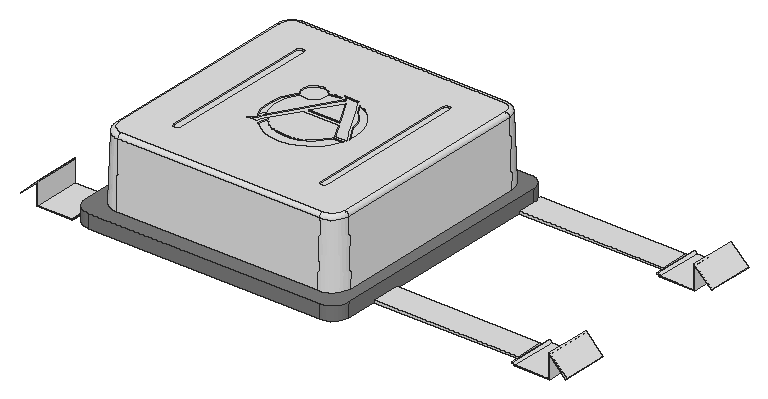
Revit family "Atlas_Sound_SHS-6T2_Ceiling_Mounted", category Generic Models, host Ceiling, Revit 2016
Family settings
  Host = Ceiling
  Part Type = Normal
  Can host rebar = No
  Round Connector Dimension = Use Diameter
  Work Plane-Based = No
  Always vertical = Yes
  Cut with Voids When Loaded = No
  Shared = No
  Room Calculation Point = No
Parameters (values of type "SHS6T2")
  Warranty Duration (Years) = 0
  URL = "https://www.atlasied.com/shs-6t2"
  Specification = ""
  SpecWizard = ""
  Send Message = ""
  Sales Information = ""
  Revision = ""
  Product Properties = ""
  Product Data = "https://www.atlasied.com/f/6034/shs-6t2-data-sheet.pdf"
  OmniClass Title = ""
  OmniClass Number = ""
  Max Extension [instance] = yes
  No Extension [instance] = not(Max Extension)  # no
  MasterFormat04 Keynote = ""
  Manufacturer's Notes = ""
  Manufacturer Website = "https://www.atlasied.com/"
  Manufacturer Phone - Toll Free = "800-876-3333"
  Manufacturer Phone = "602-438-4545"
  Manufacturer Fax = "602-438-8692"
  Manufacturer Email = ""
  Manufacturer Address = "4545 E. Baseline Rd. Phoenix, AZ 85040"
  Manufacturer = "Atlas Sound"
  Maintenance Schedule (Months) = 0
  Installation-Fabrication = "https://www.atlasied.com/f/6035/she-6t2-install-sheet.pdf"
  Installation Phase = ""
  Green Building-LEED = ""
  Expected Lifespan (Years) = 0
  Drawn By = "Matt Wunch"
  Description = "Strategically hidden speaker with 32-watt 70/100v transformer and enclosure"
  Copyright = "Arcat, Inc. ©2018"
  Construction Details = ""
  Company_ID = 0
  Category = ""
  Building Codes = ""
Reference planes (in)
  plane 1 "Center (Front/Back)": y = 0
  plane 2: z = 0
  plane 3 "Center (Left/Right)": x = 0
  plane 4 "Ceiling": z = 157.48031
Dimensions and locks (in)
  equal spacing: host sketch curve, plane 3 "Center (Left/Right)", host sketch curve
  equal spacing: host sketch curve, plane 1 "Center (Front/Back)", host sketch curve
  host sketch curve to host sketch curve = 157.48031"  (x2)
  plane 4 "Ceiling" to host ceiling = 0"
  aligned and locked: nested 1 to plane 1 "Center (Front/Back)"
  aligned and locked: nested 1 to plane 3 "Center (Left/Right)"
Nested families (in)
  nested 1: "2016_Atlas IED-SHS6T2" at (0, 0, 157.48031), No Extension <- "No Extension", Max Extends <- "Max Extension", type "2016_Atlas IED-SHS6T2"
    with No Extension no, Max Extends yes
Definition of nested family "2016_Atlas IED-SHS6T2"
  Parameters (values of type "2016_Atlas IED-SHS6T2")
    No Extension [instance] = yes
    Max Extends [instance] = yes
  Reference planes (in)
    plane 1 "Center (Front/Back)": y = 0
    plane 2: z = 0
    plane 3 "Center (Left/Right)": x = 0
    plane 4: y = 3.74436
    plane 5: y = -5.03521
    plane 6: y = 5.35844
    plane 7: y = -3.42113
    plane 8 "Top": z = 3.87992
  Forms (in)
    Extrusion 1, solid
      sketch origin (0, 0, 0) x (1, 0, 0) y (0, 1, 0)
        loop
          arc (-5.57658, 6.36398) -> (-6.13335, 6.13335) -> (-6.36398, 5.57658) r 0.7874
          line (-6.36398, 5.57658) -> (-6.36398, -5.57237)
          arc (-6.36398, -5.57237) -> (-6.13335, -6.12915) -> (-5.57658, -6.35977) r 0.7874
          line (-5.57658, -6.35977) -> (5.57733, -6.35977)
          arc (5.57733, -6.35977) -> (6.1341, -6.12915) -> (6.36473, -5.57237) r 0.7874
          line (6.36473, -5.57237) -> (6.36473, 5.57658)
          arc (6.36473, 5.57658) -> (6.1341, 6.13335) -> (5.57733, 6.36398) r 0.7874
          line (5.57733, 6.36398) -> (-5.57658, 6.36398)
      from 0 to 0.65945
    Revolve 2, solid
      sketch origin (0, 0, 0) x (1, 0, 0) y (0, 0, 1)
        loop
          line (0.00038, 0) -> (0.00038, -1.11358) -> (1.29921, -1.11358)
          arc (1.29921, -1.11358) -> (1.35827, -1.05453) -> (1.29921, -0.99547) r 0.05906
          arc (1.29921, -0.99547) -> (0.85333, -0.94358) -> (0.43128, -0.79066) r 1.94145
          arc (0.43128, -0.79066) -> (0.41185, -0.76881) -> (0.41285, -0.73959) r 0.03937
          arc (0.41285, -0.73959) -> (0.45607, -0.69641) -> (0.51509, -0.68061) r 0.11811
          line (0.51509, -0.68061) -> (1.30906, -0.68061)
          arc (1.30906, -0.68061) -> (1.60608, -0.64416) -> (1.89415, -0.56312) r 1.9685
          line (1.89415, -0.56312) -> (1.30415, -0.56312) -> (1.30415, 0) -> (0.00038, 0)
        axis (0, 0) -> (0, -1.11358)
      angle from 0 to 360
    Sweep 3, solid
      path origin (0, 0, 0) x (1, 0, 0) y (0, 1, 0)
        loop
          arc (-4.86024, 5.93184) -> (-5.50369, 5.66531) -> (-5.77022, 5.02185) r 0.90999
          line (-5.77022, 5.02185) -> (-5.77022, -4.69862)
          arc (-5.77022, -4.69862) -> (-5.50369, -5.34208) -> (-4.86024, -5.60861) r 0.90999
          line (-4.86024, -5.60861) -> (4.86024, -5.60861)
          arc (4.86024, -5.60861) -> (5.50369, -5.34208) -> (5.77022, -4.69862) r 0.90999
          line (5.77022, -4.69862) -> (5.77022, 5.02185)
          arc (5.77022, 5.02185) -> (5.50369, 5.66531) -> (4.86024, 5.93184) r 0.90999
          line (4.86024, 5.93184) -> (-4.86024, 5.93184)
      profile origin (0, 5.93184, 0) x (0, 1, 0) y (0, 0, 1)
        loop
          line (-0.02303, 0.65945) -> (-0.1303, 3.73128)
          arc (-0.1303, 3.73128) -> (-0.19029, 3.86601) -> (-0.32703, 3.92126) r 0.19685
          line (-0.32703, 3.92126) -> (-0.79653, 3.92126) -> (-0.79653, 0.65945) -> (-0.02303, 0.65945)
    Extrusion 4, solid
      sketch origin (0, 0, 0.65945) x (1, 0, 0) y (0, 1, 0)
        loop
          line (-5.17055, 5.33216) -> (-5.17055, -5.00893) -> (5.17055, -5.00893) -> (5.17055, 5.33216) -> (-5.17055, 5.33216)
      from 0 to 3.26181
    Extrusion 5, solid
      sketch origin (-8.28069, -5.03521, 47.24409) x (-1, 0, 0) y (0, 0, 1)
        loop
          line (0.74709, -46.96928) -> (-0.10252, -46.14882) -> (-0.10252, -47.24409) -> (-1.74189, -47.24409) -> (-1.83244, -47.15354) -> (-1.889, -47.15354) -> (-1.889, -47.18504) -> (-1.85082, -47.18504) -> (-1.76027, -47.27559) -> (-0.0702, -47.27559) -> (-0.0702, -46.22382) -> (0.72482, -46.99156) -> (0.74709, -46.96928)
      from -1.1436 to 1.10236
    Extrusion 6, solid
      sketch origin (-9.02779, 3.74436, 47.24409) x (-1, 0, 0) y (0, 0, 1)
        loop
          line (0, -46.96928) -> (-0.84961, -46.14882) -> (-0.84961, -47.24409) -> (-2.48898, -47.24409) -> (-2.57953, -47.15354) -> (-2.63609, -47.15354) -> (-2.63609, -47.18504) -> (-2.59791, -47.18504) -> (-2.50736, -47.27559) -> (-0.81729, -47.27559) -> (-0.81729, -46.22382) -> (-0.02227, -46.99156) -> (0, -46.96928)
      from -1.10236 to 1.05358
    Extrusion 7, solid, visible <- "Max Extends"
      sketch origin (16.0342, 5.35844, 47.24409) x (1, 0, 0) y (0, 0, 1)
        loop
          line (0, -46.96928) -> (-0.84961, -46.14882) -> (-0.84961, -47.24409) -> (-2.48898, -47.24409) -> (-2.57953, -47.15354) -> (-2.63609, -47.15354) -> (-2.63609, -47.18504) -> (-2.59791, -47.18504) -> (-2.50736, -47.27559) -> (-0.81729, -47.27559) -> (-0.81729, -46.22382) -> (-0.02227, -46.99156) -> (0, -46.96928)
      from -1.10236 to 1.10236
    Extrusion 8, solid, visible <- "Max Extends"
      sketch origin (16.0342, -3.42113, 47.24409) x (1, 0, 0) y (0, 0, 1)
        loop
          line (0, -46.96928) -> (-0.84961, -46.14882) -> (-0.84961, -47.24409) -> (-2.48898, -47.24409) -> (-2.57953, -47.15354) -> (-2.63609, -47.15354) -> (-2.63609, -47.18504) -> (-2.59791, -47.18504) -> (-2.50736, -47.27559) -> (-0.81729, -47.27559) -> (-0.81729, -46.22382) -> (-0.02227, -46.99156) -> (0, -46.96928)
      from -1.10236 to 1.10236
    Extrusion 9, solid, visible <- "Max Extends"
      sketch origin (0, 0, 0) x (1, 0, 0) y (0, 1, 0)
        loop
          line (13.36268, 6.01592) -> (6.36473, 6.01592) -> (6.36473, 4.70096) -> (13.36268, 4.70096) -> (13.36268, 6.01592)
        loop
          line (13.36268, -2.76365) -> (6.36473, -2.76365) -> (6.36473, -4.07861) -> (13.36268, -4.07861) -> (13.36268, -2.76365)
      from 0 to 0.11811
    Extrusion 10, solid, visible <- "No Extension"
      sketch origin (9.04601, 5.35844, 47.24409) x (1, 0, 0) y (0, 0, 1)
        loop
          line (0, -46.96928) -> (-0.84961, -46.14882) -> (-0.84961, -47.24409) -> (-2.48898, -47.24409) -> (-2.57953, -47.15354) -> (-2.63609, -47.15354) -> (-2.63609, -47.18504) -> (-2.59791, -47.18504) -> (-2.50736, -47.27559) -> (-0.81729, -47.27559) -> (-0.81729, -46.22382) -> (-0.02227, -46.99156) -> (0, -46.96928)
      from -1.10236 to 1.10236
    Extrusion 11, solid, visible <- "No Extension"
      sketch origin (9.04601, -3.42113, 47.24409) x (1, 0, 0) y (0, 0, 1)
        loop
          line (0, -46.96928) -> (-0.84961, -46.14882) -> (-0.84961, -47.24409) -> (-2.48898, -47.24409) -> (-2.57953, -47.15354) -> (-2.63609, -47.15354) -> (-2.63609, -47.18504) -> (-2.59791, -47.18504) -> (-2.50736, -47.27559) -> (-0.81729, -47.27559) -> (-0.81729, -46.22382) -> (-0.02227, -46.99156) -> (0, -46.96928)
      from -1.10236 to 1.10236
    Extrusion 12, void
      sketch origin (0, 0, 3.87992) x (-1, 0, 0) y (0, -1, 0)
        loop
          arc (3.36756, -3.84264) -> (3.54322, -4.01847) -> (3.71906, -3.84282) r 0.17575
          line (3.71906, -3.84282) -> (3.71906, 3.51959)
          arc (3.71906, 3.51959) -> (3.5433, 3.69524) -> (3.36756, 3.51956) r 0.17575
          line (3.36756, 3.51956) -> (3.36756, -3.84264)
        loop
          arc (-3.71906, -3.84262) -> (-3.5434, -4.01847) -> (-3.36756, -3.84279) r 0.17575
          line (-3.36756, -3.84279) -> (-3.36756, 3.51956)
          arc (-3.36756, 3.51956) -> (-3.5433, 3.69524) -> (-3.71906, 3.51959) r 0.17575
          line (-3.71906, 3.51959) -> (-3.71906, -3.84262)
      from 0 to 0.11811
    Extrusion 13, void
      sketch origin (0, 0, 3.87992) x (-1, 0, 0) y (0, -1, 0)
        loop
          arc (1.67147, 1.04157) -> (1.79346, 1.21422) -> (1.9404, 1.3662) r 1.37979
          line (1.9404, 1.3662) -> (1.44385, 1.3662)
          arc (1.44385, 1.3662) -> (1.38339, 1.15591) -> (1.28736, 0.95929) r 1.25635
          line (1.28736, 0.95929) -> (0.54562, -0.27382) -> (-1.19714, -0.27382) -> (-1.38869, 0.06598) -> (-1.59954, 0.48821) -> (-2.23029, 0.48821)
          arc (-2.23029, 0.48821) -> (-2.04456, 0.25304) -> (-1.88322, 0.00052) r 2.99996
          line (-1.88322, 0.00052) -> (-1.8251, -0.10132) -> (-1.79699, -0.15067) -> (-1.76789, -0.20181) -> (-0.93069, -1.67052) -> (-0.90108, -1.72246) -> (-0.87307, -1.77161) -> (-0.75837, -1.97277) -> (-0.73705, -2.01026) -> (-0.71619, -2.04676) -> (-0.63381, -2.19137) -> (0.04315, -2.19137) -> (-0.04815, -2.1144) -> (-0.0816, -2.08621) -> (-0.10339, -2.05838) -> (-0.14489, -2.00532) -> (-0.12849, -1.97778) -> (-0.11166, -1.94956) -> (-0.09455, -1.92091) -> (1.47577, 0.71335) -> (1.49322, 0.74264) -> (1.51006, 0.77087) -> (1.63702, 0.98385) -> (1.65426, 1.01276) -> (1.67147, 1.04157)
        loop
          line (-0.32637, -1.78118) -> (0.42788, -0.5172) -> (-1.05654, -0.5172) -> (-0.32637, -1.78118)
        loop
          arc (-1.58008, 0.58607) -> (-0.29926, 1.53885) -> (1.21052, 1.02035) r 1.71141
          line (1.21052, 1.02035) -> (1.31692, 1.22917) -> (1.34603, 1.46627)
          arc (1.34603, 1.46627) -> (-0.64776, 2.01762) -> (-2.14103, 0.58607) r 2.09242
          line (-2.14103, 0.58607) -> (-1.58008, 0.58607)
        loop
          line (-0.85139, -2.00566) -> (-1.14593, -1.49043)
          arc (-1.14593, -1.49043) -> (-1.52992, -1.04672) -> (-1.72247, -0.49241) r 1.55743
          line (-1.72247, -0.49241) -> (-2.2004, 0.32801)
          arc (-2.2004, 0.32801) -> (-1.93983, -1.0781) -> (-0.85139, -2.00566) r 2.13866
        loop
          line (1.72661, 0.94287) -> (1.5468, 0.62189)
          arc (1.5468, 0.62189) -> (1.71636, -0.30046) -> (1.38921, -1.17936) r 1.76387
          arc (1.38921, -1.17936) -> (0.7703, -1.21589) -> (0.56829, -1.80204) r 0.5572
          arc (0.56829, -1.80204) -> (0.30165, -1.87348) -> (0.02767, -1.90713) r 1.97879
          line (0.02767, -1.90713) -> (-0.0292, -2.00261) -> (0.10974, -2.11964)
          arc (0.10974, -2.11964) -> (0.38363, -2.07004) -> (0.64563, -1.97605) r 1.68649
          arc (0.64563, -1.97605) -> (1.4274, -2.11156) -> (1.52824, -1.32456) r 0.54904
          arc (1.52824, -1.32456) -> (1.97062, -0.22087) -> (1.72661, 0.94287) r 2.05197
      from 0 to 0.11811
  Cuts and joins
    Extrusion 12, Extrusion 13 cuts Sweep 3
    Extrusion 12, Extrusion 13 cuts Extrusion 4
    joined: Sweep 3, Extrusion 4
  Lines and regions (in)
    symbolic lines
      curve 1: line (0, 5.88085, 0.65945) -> (0, -5.58558, 0.65945)
      curve 2: line (0, -5.58558, 0.65945) -> (0, -5.4771, 3.76593)
      curve 3: line (0, 5.65433, 3.87992) -> (0, -5.35906, 3.87992)
      curve 4: line (0, 5.88085, 0.65945) -> (0, 5.77237, 3.76593)
      curve 7: line (-5.74719, 0, 0.65945) -> (-5.63473, 0, 3.87992)
      curve 8: line (-5.63473, 0, 3.87992) -> (5.58574, 0, 3.87992)
      curve 9: line (5.58574, 0, 3.87992) -> (5.74719, 0, 0.65945)
    model lines
      curve 5: arc (0, -5.4771, 3.76593) -> (0, -5.4411, 3.84677) -> (0, -5.35906, 3.87992) r 0.11811
      curve 6: arc (0, 5.65433, 3.87992) -> (0, 5.73638, 3.84677) -> (0, 5.77237, 3.76593) r 0.11811
  Dimensions and locks (in)
    aligned and locked: level to plane 2
    aligned and locked: Sweep 3 to Extrusion 4
